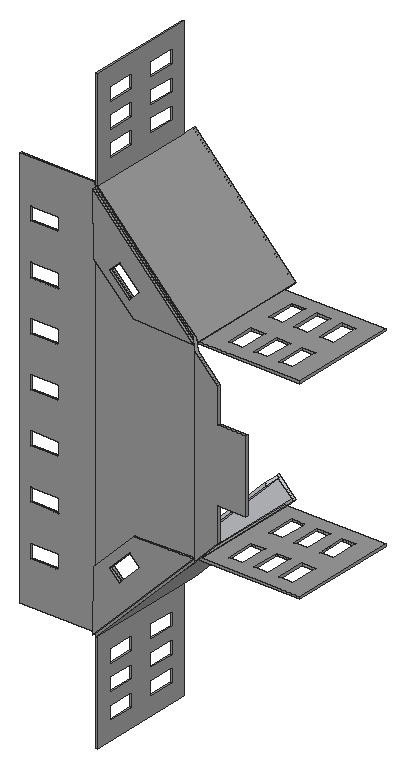
Revit family "Anbau-Abzweigstück-RAA 610FT", category Generic Models, Revit 2017
Family settings
  Can host rebar = No
  Round Connector Dimension = Use Diameter
  Part Type = Normal
  Work Plane-Based = No
  Always vertical = Yes
  Cut with Voids When Loaded = No
  Shared = No
  Room Calculation Point = No
Parameters (values of type "RAA 610 FT")
  URL = "http://www.obo-bettermann.com"
  Material = Hot dip galvanised
  Manufacturer Art.No. = "7121109"
  Manufacturer = "OBO BETTERMANN"
  GTIN = "4012196813131"
  Cut's number 3 = 3
  Cut's number 2 = 2
  Cut's number = 7
  Article Type = "RAA 610 FT"
Reference planes
  plane 1 "Center (Front/Back)": y = 0
  plane 2: z = 0
  plane 3 "Center (Left/Right)": x = 0
  plane 4: x = 117
  plane 5: y = 2.5
  plane 6: x = 37
  plane 7: x = 92
  plane 8: y = -2.5
  plane 9: z = 200
  plane 10: x = 40
  plane 11: x = 103
  plane 12: z = 100
  plane 13: z = 135.1
  plane 14: z = 64.9
  plane 15: z = 118
  plane 16: z = 82
  plane 17: z = 100
  plane 18: z = 118
  plane 19: x = 103
  plane 20: x = 40
  plane 21: z = 135.1
  plane 22: x = 12
  plane 23: z = 25
  plane 24: x = 12
  plane 25: z = 50
  plane 26: x = 12
  plane 27: z = 75
  plane 28: x = 12
  plane 29: z = 100
  plane 30: x = 12
  plane 31: z = 125
  plane 32: x = 12
  plane 33: z = 150
  plane 34: x = 12
  plane 35: z = 175
  plane 36: y = 61
  plane 37: y = 54
  plane 38: z = 100
  plane 39: y = 15
  plane 40: z = 237.5
  plane 41: y = 15
  plane 42: z = 225.009
  plane 43: y = 15
  plane 44: z = 212.519
  plane 45: y = 40
  plane 46: z = 237.5
  plane 47: y = 40
  plane 48: z = 225.009
  plane 49: y = 40
  plane 50: z = 212.519
  plane 51: y = 15
  plane 52: z = -37.5
  plane 53: y = 8
  plane 54: y = 22
  plane 55: y = 15
  plane 56: z = -24.962
  plane 57: y = 8
  plane 58: y = 22
  plane 59: y = 15
  plane 60: z = -12.424
  plane 61: y = 8
  plane 62: y = 22
  plane 63: y = 40
  plane 64: z = -37.5
  plane 65: y = 33
  plane 66: y = 47
  plane 67: y = 40
  plane 68: z = -24.962
  plane 69: y = 33
  plane 70: y = 47
  plane 71: y = 40
  plane 72: z = -12.424
  plane 73: y = 33
  plane 74: y = 47
  plane 75: y = 15
  plane 76: x = 127.58
  plane 77: y = 40
  plane 78: x = 127.58
  plane 79: y = 15
  plane 80: x = 115.048
  plane 81: y = 40
  plane 82: x = 115.048
  plane 83: y = 15
  plane 84: x = 102.516
  plane 85: y = 39.961
  plane 86: x = 101.926
  plane 87: y = 46.961
  plane 88: y = 46.961
  plane 89: y = -1.25
  plane 90: y = 4.75
  plane 91: through (43.295, 0, 172.317) normal (-0.7071, 0, 0.7071)
  plane 92: through (63.094, 0, 152.518) normal (-0.7071, 0, 0.7071)
  plane 93: through (70.612, 0, 179.328) normal (-0.7071, 0, 0.7071)
  plane 94: y = 2.25
  plane 95: through (70.612, 0, 20.672) normal (0.7071, 0, 0.7071)
  plane 96: through (43.295, 0, 27.683) normal (0.7071, 0, 0.7071)
  plane 97: through (63.094, 0, 47.482) normal (0.7071, 0, 0.7071)
  plane 98: y = 59.75
  plane 99: y = 52
Forms (mm)
  Extrusion 1, solid, material "Hot dip galvanised" <- "Material"
    sketch origin (0, 0, 0) x (1, 0, 0) y (0, 1, 0)
      loop
        line (0, 2.5) -> (37, 2.5) -> (39.5, 0) -> (88.086, 0) -> (91.586, -3.5) -> (117, -3.5) -> (117, -2.5) -> (92, -2.5) -> (88.5, 1) -> (39.914, 1) -> (37.414, 3.5) -> (0, 3.5) -> (0, 2.5)
    from 0 to 200
  Extrusion 2, void
    sketch origin (0, 0, 0) x (1, 0, 0) y (0, 0, 1)
      loop
        line (117, 82) -> (103, 82) -> (103, 64.9) -> (39.914, 0) -> (117, 0) -> (117, 82)
    from -1 to 3.5
  Extrusion 3, void
    sketch origin (0, 0, 0) x (1, 0, 0) y (0, 0, 1)
      loop
        line (39.914, 200) -> (103, 135.1) -> (103, 118) -> (117, 118) -> (117, 200) -> (39.914, 200)
    from -1 to 3.5
  Extrusion 4, void
    sketch origin (0, 0, 0) x (1, 0, 0) y (0, 0, 1)
      loop
        line (5.149, 28.5) -> (5.149, 21.5) -> (19.149, 21.5) -> (19.149, 28.5) -> (5.149, 28.5)
    from -2.5 to -3.5
  Extrusion 5, void
    sketch origin (0, 0, 25) x (1, 0, 0) y (0, 0, 1)
      loop
        line (5.149, 28.5) -> (5.149, 21.5) -> (19.149, 21.5) -> (19.149, 28.5) -> (5.149, 28.5)
    from -2.5 to -3.5
  Extrusion 6, void
    sketch origin (0, 0, 50) x (1, 0, 0) y (0, 0, 1)
      loop
        line (5.149, 28.5) -> (5.149, 21.5) -> (19.149, 21.5) -> (19.149, 28.5) -> (5.149, 28.5)
    from -2.5 to -3.5
  Extrusion 7, void
    sketch origin (0, 0, 75) x (1, 0, 0) y (0, 0, 1)
      loop
        line (5.149, 28.5) -> (5.149, 21.5) -> (19.149, 21.5) -> (19.149, 28.5) -> (5.149, 28.5)
    from -2.5 to -3.5
  Extrusion 8, void
    sketch origin (0, 0, 100) x (1, 0, 0) y (0, 0, 1)
      loop
        line (5.149, 28.5) -> (5.149, 21.5) -> (19.149, 21.5) -> (19.149, 28.5) -> (5.149, 28.5)
    from -2.5 to -3.5
  Extrusion 9, void
    sketch origin (0, 0, 125) x (1, 0, 0) y (0, 0, 1)
      loop
        line (5.149, 28.5) -> (5.149, 21.5) -> (19.149, 21.5) -> (19.149, 28.5) -> (5.149, 28.5)
    from -2.5 to -3.5
  Extrusion 10, void
    sketch origin (0, 0, 150) x (1, 0, 0) y (0, 0, 1)
      loop
        line (5.149, 28.5) -> (5.149, 21.5) -> (19.149, 21.5) -> (19.149, 28.5) -> (5.149, 28.5)
    from -2.5 to -3.5
  Extrusion 11, solid, material "Hot dip galvanised" <- "Material"
    sketch origin (0, 0, 0) x (1, 0, 0) y (0, 0, 1)
      loop
        line (39.895, 200.019) -> (38.976, 199.1) -> (89.161, 147.472) -> (90.08, 148.391) -> (39.895, 200.019)
    from -1 to -61
  Extrusion 12, solid, material "Hot dip galvanised" <- "Material"
    sketch origin (0, 0, 0) x (1, 0, 0) y (0, 0, 1)
      loop
        line (90.08, 148.391) -> (90.08, 147.391) -> (140.08, 147.391) -> (140.08, 148.391) -> (90.08, 148.391)
    from -1 to -54
  Extrusion 13, solid, material "Hot dip galvanised" <- "Material"
    sketch origin (0, 0, 0) x (1, 0, 0) y (0, 0, 1)
      loop
        line (39.914, 200) -> (39.914, 250) -> (38.914, 250) -> (38.914, 200) -> (39.914, 200)
    from -1 to -54
  Extrusion 14, solid, material "Hot dip galvanised" <- "Material"
    sketch origin (0, 0, 200) x (1, 0, 0) y (0, 0, 1)
      loop
        line (39.895, -200.019) -> (90.08, -148.391) -> (89.161, -147.472) -> (38.976, -199.1) -> (39.895, -200.019)
    from -1 to -61
  Extrusion 15, solid, material "Hot dip galvanised" <- "Material"
    sketch origin (0, 0, 200) x (1, 0, 0) y (0, 0, 1)
      loop
        line (90.08, -148.391) -> (140.08, -148.391) -> (140.08, -147.391) -> (90.08, -147.391) -> (90.08, -148.391)
    from -1 to -54
  Extrusion 16, solid, material "Hot dip galvanised" <- "Material"
    sketch origin (0, 0, 200) x (1, 0, 0) y (0, 0, 1)
      loop
        line (39.914, -200) -> (38.914, -200) -> (38.914, -250) -> (39.914, -250) -> (39.914, -200)
    from -1 to -54
  Extrusion 17, void
    sketch origin (0, 0, 0) x (0, 1, 0) y (0, 0, 1)
      loop
        line (22, 241) -> (8, 241) -> (8, 234) -> (22, 234) -> (22, 241)
    from 38.914 to 39.914
  Extrusion 18, void
    sketch origin (0, 0, -12.491) x (0, 1, 0) y (0, 0, 1)
      loop
        line (22, 241) -> (8, 241) -> (8, 234) -> (22, 234) -> (22, 241)
    from 38.914 to 39.914
  Extrusion 19, void
    sketch origin (0, 0, -24.981) x (0, 1, 0) y (0, 0, 1)
      loop
        line (22, 241) -> (8, 241) -> (8, 234) -> (22, 234) -> (22, 241)
    from 38.914 to 39.914
  Extrusion 20, void
    sketch origin (0, 25, 0) x (0, 1, 0) y (0, 0, 1)
      loop
        line (22, 241) -> (8, 241) -> (8, 234) -> (22, 234) -> (22, 241)
    from 38.914 to 39.914
  Extrusion 21, void
    sketch origin (0, 25, -12.491) x (0, 1, 0) y (0, 0, 1)
      loop
        line (22, 241) -> (8, 241) -> (8, 234) -> (22, 234) -> (22, 241)
    from 38.914 to 39.914
  Extrusion 22, void
    sketch origin (0, 25, -24.981) x (0, 1, 0) y (0, 0, 1)
      loop
        line (22, 241) -> (8, 241) -> (8, 234) -> (22, 234) -> (22, 241)
    from 38.914 to 39.914
  Extrusion 23, void
    sketch origin (0, 0, 0) x (0, 1, 0) y (0, 0, 1)
      loop
        line (22, -34) -> (8, -34) -> (8, -41) -> (22, -41) -> (22, -34)
    from 38.914 to 39.914
  Extrusion 24, void
    sketch origin (0, 0, 12.538) x (0, 1, 0) y (0, 0, 1)
      loop
        line (22, -34) -> (8, -34) -> (8, -41) -> (22, -41) -> (22, -34)
    from 38.914 to 39.914
  Extrusion 25, void
    sketch origin (0, 0, 25.076) x (0, 1, 0) y (0, 0, 1)
      loop
        line (22, -34) -> (8, -34) -> (8, -41) -> (22, -41) -> (22, -34)
    from 38.914 to 39.914
  Extrusion 26, void
    sketch origin (0, 25, 0) x (0, 1, 0) y (0, 0, 1)
      loop
        line (22, -34) -> (8, -34) -> (8, -41) -> (22, -41) -> (22, -34)
    from 38.914 to 39.914
  Extrusion 27, void
    sketch origin (0, 25, 12.538) x (0, 1, 0) y (0, 0, 1)
      loop
        line (22, -34) -> (8, -34) -> (8, -41) -> (22, -41) -> (22, -34)
    from 38.914 to 39.914
  Extrusion 28, void
    sketch origin (0, 25, 25.076) x (0, 1, 0) y (0, 0, 1)
      loop
        line (22, -34) -> (8, -34) -> (8, -41) -> (22, -41) -> (22, -34)
    from 38.914 to 39.914
  Extrusion 29, void
    sketch origin (0, 0, 0) x (1, 0, 0) y (0, 1, 0)
      loop
        line (124.08, 22) -> (124.08, 8) -> (131.08, 8) -> (131.08, 22) -> (124.08, 22)
    from 147.391 to 148.391
  Extrusion 30, void
    sketch origin (0, 25, 0) x (1, 0, 0) y (0, 1, 0)
      loop
        line (124.08, 22) -> (124.08, 8) -> (131.08, 8) -> (131.08, 22) -> (124.08, 22)
    from 147.391 to 148.391
  Extrusion 31, void
    sketch origin (-12.532, 0, 0) x (1, 0, 0) y (0, 1, 0)
      loop
        line (124.08, 22) -> (124.08, 8) -> (131.08, 8) -> (131.08, 22) -> (124.08, 22)
    from 147.391 to 148.391
  Extrusion 32, void
    sketch origin (-12.532, 25, 0) x (1, 0, 0) y (0, 1, 0)
      loop
        line (131.128, 21.978) -> (124.128, 21.978) -> (124.128, 7.978) -> (131.128, 7.978) -> (131.128, 21.978)
    from 147.391 to 148.391
  Extrusion 33, void
    sketch origin (-25.064, 0, 0) x (1, 0, 0) y (0, 1, 0)
      loop
        line (131.176, 7.957) -> (131.176, 21.957) -> (124.176, 21.957) -> (124.176, 7.957) -> (131.176, 7.957)
    from 147.391 to 148.391
  Extrusion 34, void
    sketch origin (-25.654, 24.961, 0) x (1, 0, 0) y (0, 1, 0)
      loop
        line (124.766, 22) -> (124.766, 8) -> (131.766, 8) -> (131.766, 22) -> (124.766, 22)
    from 147.391 to 148.391
  Extrusion 35, void
    sketch origin (0, 0, 0) x (1, 0, 0) y (0, 1, 0)
      loop
        line (124.08, 22) -> (124.08, 8) -> (131.08, 8) -> (131.08, 22) -> (124.08, 22)
    from 51.609 to 52.609
  Extrusion 36, void
    sketch origin (0, 25, 0) x (1, 0, 0) y (0, 1, 0)
      loop
        line (124.08, 22) -> (124.08, 8) -> (131.08, 8) -> (131.08, 22) -> (124.08, 22)
    from 51.609 to 52.609
  Extrusion 37, void
    sketch origin (-12.484, -0.022, 0) x (1, 0, 0) y (0, 1, 0)
      loop
        line (124.08, 22) -> (124.08, 8) -> (131.08, 8) -> (131.08, 22) -> (124.08, 22)
    from 51.609 to 52.609
  Extrusion 38, void
    sketch origin (-12.484, 24.978, 0) x (1, 0, 0) y (0, 1, 0)
      loop
        line (124.08, 22) -> (124.08, 8) -> (131.08, 8) -> (131.08, 22) -> (124.08, 22)
    from 51.609 to 52.609
  Extrusion 39, void
    sketch origin (-24.968, -0.043, 0) x (1, 0, 0) y (0, 1, 0)
      loop
        line (124.08, 22) -> (124.08, 8) -> (131.08, 8) -> (131.08, 22) -> (124.08, 22)
    from 51.609 to 52.609
  Extrusion 40, void
    sketch origin (-24.968, 24.957, 0) x (1, 0, 0) y (0, 1, 0)
      loop
        line (124.08, 22) -> (124.08, 8) -> (131.08, 8) -> (131.08, 22) -> (124.08, 22)
    from 51.609 to 52.609
  Extrusion 41, solid, material "Hot dip galvanised" <- "Material"
    sketch origin (0, 0, 0) x (1, 0, 0) y (0, 0, 1)
      loop
        line (89.161, 147.472) -> (38.976, 199.1) -> (39.456, 168.478) -> (58.974, 148.398) -> (89.161, 147.472)
    from 0 to 0.981
  Extrusion 42, void
    sketch origin (0, 0, 0) x (1, 0, 0) y (0, 0, 1)
      loop
        line (52.451, 171.066) -> (47.502, 166.117) -> (57.401, 156.217) -> (62.35, 161.166) -> (52.451, 171.066)
    from -4.75 to 3.5
  Extrusion 43, void
    sketch origin (0, 0, 200) x (1, 0, 0) y (0, 0, 1)
      loop
        line (52.451, -171.066) -> (62.35, -161.166) -> (57.401, -156.217) -> (47.502, -166.117) -> (52.451, -171.066)
    from -4.75 to 3.5
  Extrusion 44, solid, material "Hot dip galvanised" <- "Material"
    sketch origin (0, 0, 200) x (1, 0, 0) y (0, 0, 1)
      loop
        line (89.161, -147.472) -> (58.974, -148.398) -> (39.456, -168.478) -> (38.976, -199.1) -> (89.161, -147.472)
    from 0 to 0.981
  Extrusion 45, void
    sketch origin (0, 0, 0) x (1, 0, 0) y (0, 0, 1)
      loop
        line (57.401, 43.783) -> (47.502, 33.883) -> (52.451, 28.934) -> (62.35, 38.834) -> (57.401, 43.783)
    from 3.5 to -4.75
  Extrusion 46, solid
    sketch origin (0, 0, 0) x (1, 0, 0) y (0, 0, 1)
      loop
        line (39.914, 200) -> (31.428, 191.514) -> (81.667, 139.83) -> (90.153, 148.316) -> (39.914, 200)
    from -59.75 to -61
  Extrusion 47, solid
    sketch origin (0, 0, 0) x (1, 0, 0) y (0, 0, 1)
      loop
        line (31.441, 191.501) -> (81.68, 139.817) -> (82.599, 140.736) -> (32.36, 192.42) -> (31.441, 191.501)
    from -52 to -59.75
  Extrusion 48, solid
    sketch origin (0, 0, 200) x (1, 0, 0) y (0, 0, 1)
      loop
        line (39.914, -200) -> (90.153, -148.316) -> (81.667, -139.83) -> (31.428, -191.514) -> (39.914, -200)
    from -59.75 to -61
  Extrusion 49, solid
    sketch origin (0, 0, 200) x (1, 0, 0) y (0, 0, 1)
      loop
        line (31.441, -191.501) -> (32.36, -192.42) -> (82.599, -140.736) -> (81.68, -139.817) -> (31.441, -191.501)
    from -52 to -59.75
Cuts and joins
  Extrusion 2, Extrusion 3, Extrusion 4, Extrusion 5, Extrusion 6, Extrusion 7, Extrusion 8, Extrusion 9, Extrusion 10, Extrusion 42, Extrusion 43, Extrusion 45 cuts Extrusion 1
  Extrusion 17, Extrusion 18, Extrusion 19, Extrusion 20, Extrusion 21, Extrusion 22 cuts Extrusion 13
  Extrusion 23, Extrusion 24, Extrusion 25, Extrusion 26, Extrusion 27, Extrusion 28 cuts Extrusion 16
  Extrusion 29, Extrusion 30, Extrusion 31, Extrusion 32, Extrusion 33, Extrusion 34, Extrusion 35 cuts Extrusion 12
  Extrusion 29, Extrusion 35, Extrusion 36, Extrusion 37, Extrusion 38, Extrusion 39, Extrusion 40 cuts Extrusion 15
  Extrusion 42, Extrusion 43 cuts Extrusion 41
  Extrusion 45 cuts Extrusion 44
Dimensions and locks
  locked: plane 3 "Center (Left/Right)" to plane 4 at 117
  locked: plane 1 "Center (Front/Back)" to plane 5 at 2.5
  locked: Extrusion 1 sketch curve to Extrusion 1 sketch curve at 3.5
  locked: plane 8 to Extrusion 1 sketch curve at 3.5
  locked: plane 1 "Center (Front/Back)" to Extrusion 1 sketch curve at 2.5
  locked: Extrusion 1 sketch curve to Extrusion 1 sketch curve at 1  (x4)
  locked: Extrusion 1 sketch curve to Extrusion 1 sketch curve at 25
  locked: Extrusion 1 sketch curve to Extrusion 1 sketch curve at 117
  locked: plane 9 to level at 200
  locked: plane 10 to plane 3 "Center (Left/Right)" at 40
  locked: Extrusion 1 to plane 11 at 14
  locked: Extrusion 1 to plane 12 at 100
  locked: cut or joined group 1 (Extrusion 1, Extrusion 2, Extrusion 3, Extrusion 4, Extrusion 5, Extrusion 6, Extrusion 7, Extrusion 8, Extrusion 9, Extrusion 10, Extrusion 42, Extrusion 43, Extrusion 45) to plane 17 at 100
  locked: cut or joined group 1 to plane 19 at 14
  locked: cut or joined group 1 to plane 20 at 40
  locked: plane 21 to plane 17 at 35.1
  locked: Extrusion 4 sketch curve to Extrusion 4 sketch curve at 7
  locked: Extrusion 4 sketch curve to plane 23 at 3.5
  locked: Extrusion 4 sketch curve to Extrusion 4 sketch curve at 14
  locked: plane 22 to Extrusion 4 sketch curve at 7.149
  locked: Extrusion 5 sketch curve to Extrusion 5 sketch curve at 7
  locked: Extrusion 5 sketch curve to plane 25 at 3.5
  locked: Extrusion 5 sketch curve to Extrusion 5 sketch curve at 14
  locked: plane 24 to Extrusion 5 sketch curve at 7.149
  equal spacing: group 1, group 2, group 3, group 4, group 5, group 6, group 7  (x3)
  locked: Extrusion 6 sketch curve to Extrusion 6 sketch curve at 7
  locked: Extrusion 6 sketch curve to plane 27 at 3.5
  locked: Extrusion 6 sketch curve to Extrusion 6 sketch curve at 14
  locked: plane 26 to Extrusion 6 sketch curve at 7.149
  locked: Extrusion 7 sketch curve to Extrusion 7 sketch curve at 7
  locked: Extrusion 7 sketch curve to plane 29 at 3.5
  locked: Extrusion 7 sketch curve to Extrusion 7 sketch curve at 14
  locked: plane 28 to Extrusion 7 sketch curve at 7.149
  locked: Extrusion 8 sketch curve to Extrusion 8 sketch curve at 7
  locked: Extrusion 8 sketch curve to plane 31 at 3.5
  locked: Extrusion 8 sketch curve to Extrusion 8 sketch curve at 14
  locked: plane 30 to Extrusion 8 sketch curve at 7.149
  locked: Extrusion 9 sketch curve to Extrusion 9 sketch curve at 7
  locked: Extrusion 9 sketch curve to plane 33 at 3.5
  locked: Extrusion 9 sketch curve to Extrusion 9 sketch curve at 14
  locked: plane 32 to Extrusion 9 sketch curve at 7.149
  locked: Extrusion 10 sketch curve to Extrusion 10 sketch curve at 7
  locked: Extrusion 10 sketch curve to plane 35 at 3.5
  locked: Extrusion 10 sketch curve to Extrusion 10 sketch curve at 14
  locked: plane 34 to Extrusion 10 sketch curve at 7.149
  locked: Extrusion 11 sketch curve to cut or joined group 1 at 1.3
  locked: Extrusion 11 sketch curve to Extrusion 11 sketch curve at 71.993
  locked: Extrusion 11 to plane 36 at 60
  locked: Extrusion 12 sketch curve to Extrusion 12 sketch curve at 50
  locked: cut or joined group 1 to Extrusion 12 sketch curve at 90.08
  locked: Extrusion 12 sketch curve to Extrusion 12 sketch curve at 1
  locked: Extrusion 11 to plane 37 at 53
  locked: Extrusion 13 sketch curve to cut or joined group 1 at 50
  Extrusion 13 sketch curve to Extrusion 13 sketch curve = 1 mm
  locked: plane 9 to plane 38 at 100
  locked: Extrusion 14 sketch curve to Extrusion 14 sketch curve at 71.993
  locked: Extrusion 15 sketch curve to Extrusion 15 sketch curve at 50
  locked: Extrusion 15 sketch curve to Extrusion 15 sketch curve at 1
  Extrusion 16 sketch curve to Extrusion 16 sketch curve = 1 mm
  locked: Extrusion 17 sketch curve to Extrusion 17 sketch curve at 7
  locked: plane 40 to Extrusion 17 sketch curve at 3.5
  locked: Extrusion 17 sketch curve to plane 39 at 7
  locked: Extrusion 17 sketch curve to Extrusion 17 sketch curve at 14
  locked: Extrusion 18 sketch curve to Extrusion 18 sketch curve at 7
  locked: plane 42 to Extrusion 18 sketch curve at 3.5
  locked: Extrusion 18 sketch curve to plane 41 at 7
  locked: Extrusion 18 sketch curve to Extrusion 18 sketch curve at 14
  locked: Extrusion 19 sketch curve to Extrusion 19 sketch curve at 7
  locked: plane 44 to Extrusion 19 sketch curve at 3.5
  locked: Extrusion 19 sketch curve to plane 43 at 7
  locked: Extrusion 19 sketch curve to Extrusion 19 sketch curve at 14
  locked: Extrusion 20 sketch curve to Extrusion 20 sketch curve at 7
  locked: plane 46 to Extrusion 20 sketch curve at 3.5
  locked: Extrusion 20 sketch curve to plane 45 at 7
  locked: Extrusion 20 sketch curve to Extrusion 20 sketch curve at 14
  locked: Extrusion 21 sketch curve to Extrusion 21 sketch curve at 7
  locked: plane 48 to Extrusion 21 sketch curve at 3.5
  locked: Extrusion 21 sketch curve to plane 47 at 7
  locked: Extrusion 21 sketch curve to Extrusion 21 sketch curve at 14
  locked: Extrusion 22 sketch curve to Extrusion 22 sketch curve at 7
  locked: plane 50 to Extrusion 22 sketch curve at 3.5
  locked: Extrusion 22 sketch curve to plane 49 at 7
  locked: Extrusion 22 sketch curve to Extrusion 22 sketch curve at 14
  locked: Extrusion 23 sketch curve to Extrusion 23 sketch curve at 7
  locked: plane 52 to Extrusion 23 sketch curve at 3.5
  locked: Extrusion 23 sketch curve to plane 51 at 7
  locked: Extrusion 23 sketch curve to Extrusion 23 sketch curve at 14
  locked: Extrusion 24 sketch curve to Extrusion 24 sketch curve at 7
  locked: plane 56 to Extrusion 24 sketch curve at 3.5
  locked: Extrusion 24 sketch curve to plane 55 at 7
  locked: Extrusion 24 sketch curve to Extrusion 24 sketch curve at 14
  locked: Extrusion 25 sketch curve to Extrusion 25 sketch curve at 7
  locked: plane 60 to Extrusion 25 sketch curve at 3.5
  locked: Extrusion 25 sketch curve to plane 59 at 7
  locked: Extrusion 25 sketch curve to Extrusion 25 sketch curve at 14
  locked: Extrusion 26 sketch curve to Extrusion 26 sketch curve at 7
  locked: plane 64 to Extrusion 26 sketch curve at 3.5
  locked: Extrusion 26 sketch curve to plane 63 at 7
  locked: Extrusion 26 sketch curve to Extrusion 26 sketch curve at 14
  locked: Extrusion 27 sketch curve to Extrusion 27 sketch curve at 7
  locked: plane 68 to Extrusion 27 sketch curve at 3.5
  locked: Extrusion 27 sketch curve to plane 67 at 7
  locked: Extrusion 27 sketch curve to Extrusion 27 sketch curve at 14
  locked: Extrusion 28 sketch curve to Extrusion 28 sketch curve at 7
  locked: plane 72 to Extrusion 28 sketch curve at 3.5
  locked: Extrusion 28 sketch curve to plane 71 at 7
  locked: Extrusion 28 sketch curve to Extrusion 28 sketch curve at 14
  group 8 to group 9 = 0 mm  (x2)
  group 8 to group 9 = 25 mm
  locked: Extrusion 29 sketch curve to Extrusion 29 sketch curve at 14
  locked: plane 75 to Extrusion 29 sketch curve at 7
  locked: Extrusion 29 sketch curve to Extrusion 29 sketch curve at 7
  locked: Extrusion 29 sketch curve to plane 76 at 3.5
  locked: Extrusion 30 sketch curve to Extrusion 30 sketch curve at 14
  locked: plane 77 to Extrusion 30 sketch curve at 7
  locked: Extrusion 30 sketch curve to Extrusion 30 sketch curve at 7
  locked: Extrusion 30 sketch curve to plane 78 at 3.5
  locked: Extrusion 31 sketch curve to Extrusion 31 sketch curve at 14
  locked: plane 79 to Extrusion 31 sketch curve at 7
  locked: Extrusion 31 sketch curve to Extrusion 31 sketch curve at 7
  locked: Extrusion 31 sketch curve to plane 80 at 3.5
  locked: Extrusion 34 sketch curve to Extrusion 34 sketch curve at 14
  locked: plane 85 to Extrusion 34 sketch curve at 7
  Extrusion 34 sketch curve to Extrusion 34 sketch curve = 7 mm
  Extrusion 34 sketch curve to plane 86 = 2.814 mm
  equal spacing: group 12, group 11, group 10  (x2)
  equal spacing: group 10, group 11, group 12
  locked: plane 90 to cut or joined group 1 at 1.25
  locked: Extrusion 11 to Extrusion 41 sketch curve at 21
  locked: Extrusion 41 sketch curve to Extrusion 41 sketch curve at 72
  locked: Extrusion 41 sketch curve to Extrusion 41 sketch curve at 28.003
  locked: Extrusion 44 sketch curve to Extrusion 44 sketch curve at 72
  locked: Extrusion 44 sketch curve to Extrusion 44 sketch curve at 28.003
  locked: Extrusion 11 to Extrusion 46 sketch curve at 12
  locked: Extrusion 46 sketch curve to Extrusion 46 sketch curve at 72.07
  locked: Extrusion 46 to Extrusion 47 sketch curve at 1.3
  locked: Extrusion 46 to Extrusion 46 at 72.07
  locked: plane 99 to Extrusion 46 at 9
  locked: Extrusion 48 sketch curve to Extrusion 48 sketch curve at 72.07
  locked: Extrusion 48 to Extrusion 48 at 72.07
  locked: Extrusion 1 sketch curve to Extrusion 1 sketch curve (angle 45.00°)  (x2)
  aligned and locked: level to plane 2
  aligned and locked: Extrusion 1 sketch curve to plane 4
  aligned and locked: Extrusion 1 to plane 3 "Center (Left/Right)"
  aligned and locked: plane 1 "Center (Front/Back)" to Extrusion 1
  aligned and locked: plane 9 to Extrusion 1
  aligned and locked: Extrusion 1 to level
  aligned and locked: Extrusion 2 to Extrusion 1  (x2)
  aligned and locked: Extrusion 3 to Extrusion 1  (x2)
  aligned and locked: Extrusion 1 to Extrusion 4  (x2)
  aligned and locked: Extrusion 11 sketch curve to cut or joined group 1
  aligned and locked: Extrusion 11 to cut or joined group 1  (x2)
  aligned and locked: cut or joined group 1 to Extrusion 11
  aligned and locked: Extrusion 12 to cut or joined group 1
  aligned and locked: plane 37 to Extrusion 12
  aligned and locked: Extrusion 13 sketch curve to cut or joined group 1
  aligned and locked: Extrusion 13 to plane 9
  aligned and locked: Extrusion 13 to cut or joined group 1
  aligned and locked: Extrusion 12 to Extrusion 13
  aligned and locked: Extrusion 15 to Extrusion 16
  aligned and locked: Extrusion 13 to Extrusion 17  (x2)
  aligned and locked: Extrusion 16 to Extrusion 23  (x2)
  aligned and locked: Extrusion 12 to Extrusion 29  (x2)
  aligned and locked: cut or joined group 2 (Extrusion 15, Extrusion 29, Extrusion 35, Extrusion 36, Extrusion 37, Extrusion 38, Extrusion 39, Extrusion 40) to Extrusion 35  (x2)
  aligned and locked: cut or joined group 2 to Extrusion 34
  aligned and locked: Extrusion 34 to cut or joined group 2
  aligned and locked: cut or joined group 2 to Extrusion 33
  aligned and locked: Extrusion 33 to cut or joined group 2
  aligned and locked: Extrusion 32 sketch curve to cut or joined group 2
  aligned and locked: Extrusion 45 to plane 90
  aligned and locked: Extrusion 45 to Extrusion 1
  aligned and locked: Extrusion 42 to Extrusion 1
  aligned and locked: Extrusion 43 to Extrusion 1
  aligned and locked: Extrusion 46 to plane 98
  aligned and locked: Extrusion 11 to Extrusion 46
  aligned and locked: Extrusion 47 to Extrusion 46
  aligned and locked: Extrusion 47 to plane 99
  aligned and locked: Extrusion 47 to plane 98
Automatic sketch dimensions
  Extrusion 35 sketch curve to Extrusion 35 sketch curve = 7 mm
  Extrusion 35 sketch curve to Extrusion 35 sketch curve = 14 mm
  Extrusion 36 sketch curve to Extrusion 36 sketch curve = 7 mm
  Extrusion 36 sketch curve to Extrusion 36 sketch curve = 14 mm
  Extrusion 37 sketch curve to Extrusion 37 sketch curve = 7 mm
  Extrusion 37 sketch curve to Extrusion 37 sketch curve = 14 mm
  Extrusion 38 sketch curve to Extrusion 38 sketch curve = 7 mm
  Extrusion 38 sketch curve to Extrusion 38 sketch curve = 14 mm
  Extrusion 39 sketch curve to Extrusion 39 sketch curve = 7 mm
  Extrusion 39 sketch curve to Extrusion 39 sketch curve = 14 mm
  Extrusion 40 sketch curve to Extrusion 40 sketch curve = 7 mm
  Extrusion 40 sketch curve to Extrusion 40 sketch curve = 14 mm
  Extrusion 1 sketch curve to plane 6 = 0 mm
  Extrusion 1 sketch curve to plane 7 = 3.914 mm
  Extrusion 1 sketch curve to Extrusion 1 sketch curve = 0.414 mm
  Extrusion 2 sketch curve to level = 0 mm
  Extrusion 2 sketch curve to plane 11 = 0 mm
  Extrusion 2 sketch curve to plane 16 = 0 mm
  Extrusion 2 sketch curve to plane 14 = 0 mm
  Extrusion 2 sketch curve to plane 10 = 0.086 mm
  plane 11 to Extrusion 2 sketch curve = 14 mm
  Extrusion 3 sketch curve to plane 9 = 0 mm
  plane 19 to Extrusion 3 sketch curve = 0 mm
  Extrusion 3 sketch curve to plane 18 = 0 mm
  Extrusion 3 sketch curve to plane 21 = 0 mm
  Extrusion 3 sketch curve to plane 20 = 0.086 mm
  plane 19 to Extrusion 3 sketch curve = 14 mm
  Extrusion 11 sketch curve to plane 9 = 0.9 mm
  plane 9 to Extrusion 11 sketch curve = 0.019 mm
  plane 38 to Extrusion 12 sketch curve = 47.391 mm
  plane 3 "Center (Left/Right)" to Extrusion 13 sketch curve = 38.914 mm
  Extrusion 14 sketch curve to level = 0.9 mm
  Extrusion 14 sketch curve to plane 3 "Center (Left/Right)" = 38.976 mm
  level to Extrusion 14 sketch curve = 0.019 mm
  Extrusion 14 sketch curve to Extrusion 14 sketch curve = 0.919 mm
  plane 38 to Extrusion 14 sketch curve = 47.472 mm
  plane 38 to Extrusion 14 sketch curve = 48.391 mm
  Extrusion 15 sketch curve to plane 3 "Center (Left/Right)" = 90.08 mm
  plane 38 to Extrusion 15 sketch curve = 47.391 mm
  Extrusion 16 sketch curve to level = 0 mm
  Extrusion 16 sketch curve to plane 3 "Center (Left/Right)" = 38.914 mm
  Extrusion 16 sketch curve to Extrusion 16 sketch curve = 50 mm
  plane 82 to Extrusion 32 sketch curve = 3.548 mm
  Extrusion 32 sketch curve to plane 81 = 7.022 mm
  plane 87 to Extrusion 32 sketch curve = 0.018 mm
  Extrusion 33 sketch curve to plane 84 = 3.404 mm
  plane 84 to Extrusion 33 sketch curve = 3.596 mm
  Extrusion 33 sketch curve to plane 90 = 3.207 mm
  plane 83 to Extrusion 33 sketch curve = 6.957 mm
  plane 91 to Extrusion 41 sketch curve = 0 mm
  Extrusion 41 sketch curve to plane 9 = 0.9 mm
  Extrusion 41 sketch curve to Extrusion 41 sketch curve = 0.48 mm
  plane 38 to Extrusion 41 sketch curve = 47.472 mm
  plane 3 "Center (Left/Right)" to Extrusion 42 sketch curve = 47.502 mm
  Extrusion 42 sketch curve to plane 9 = 28.934 mm
  Extrusion 42 sketch curve to Extrusion 42 sketch curve = 4.949 mm  (x2)
  Extrusion 42 sketch curve to Extrusion 42 sketch curve = 9.899 mm
  Extrusion 43 sketch curve to plane 3 "Center (Left/Right)" = 47.502 mm
  Extrusion 43 sketch curve to level = 28.934 mm
  Extrusion 43 sketch curve to Extrusion 43 sketch curve = 4.949 mm  (x2)
  Extrusion 43 sketch curve to Extrusion 43 sketch curve = 9.899 mm
  Extrusion 44 sketch curve to plane 96 = 0 mm
  Extrusion 44 sketch curve to plane 97 = 0 mm
  Extrusion 44 sketch curve to level = 0.9 mm
  Extrusion 44 sketch curve to plane 3 "Center (Left/Right)" = 38.976 mm
  Extrusion 44 sketch curve to level = 31.522 mm
  plane 38 to Extrusion 44 sketch curve = 47.472 mm
  plane 3 "Center (Left/Right)" to Extrusion 45 sketch curve = 47.502 mm
  level to Extrusion 45 sketch curve = 28.934 mm
  Extrusion 45 sketch curve to Extrusion 45 sketch curve = 4.949 mm  (x2)
  Extrusion 45 sketch curve to Extrusion 45 sketch curve = 9.899 mm
  Extrusion 46 sketch curve to plane 9 = 0 mm
  Extrusion 46 sketch curve to plane 9 = 8.486 mm
  Extrusion 46 sketch curve to Extrusion 46 sketch curve = 8.486 mm
  plane 38 to Extrusion 46 sketch curve = 48.316 mm
  Extrusion 47 sketch curve to plane 9 = 8.499 mm
  plane 3 "Center (Left/Right)" to Extrusion 47 sketch curve = 31.441 mm
  Extrusion 47 sketch curve to plane 9 = 7.58 mm
  plane 38 to Extrusion 47 sketch curve = 39.817 mm
  Extrusion 47 sketch curve to Extrusion 47 sketch curve = 50.239 mm
  plane 38 to Extrusion 47 sketch curve = 40.736 mm
  Extrusion 48 sketch curve to level = 0 mm
  level to Extrusion 48 sketch curve = 8.486 mm
  plane 3 "Center (Left/Right)" to Extrusion 48 sketch curve = 31.428 mm
  Extrusion 48 sketch curve to Extrusion 48 sketch curve = 8.486 mm
  Extrusion 48 sketch curve to plane 38 = 39.83 mm
  Extrusion 48 sketch curve to plane 38 = 48.316 mm
  Extrusion 49 sketch curve to level = 8.499 mm
  Extrusion 49 sketch curve to plane 3 "Center (Left/Right)" = 31.441 mm
  Extrusion 49 sketch curve to level = 7.58 mm
  Extrusion 49 sketch curve to Extrusion 49 sketch curve = 0.919 mm  (x2)
  plane 38 to Extrusion 49 sketch curve = 39.817 mm
  Extrusion 49 sketch curve to Extrusion 49 sketch curve = 50.239 mm
  plane 38 to Extrusion 49 sketch curve = 40.736 mm
